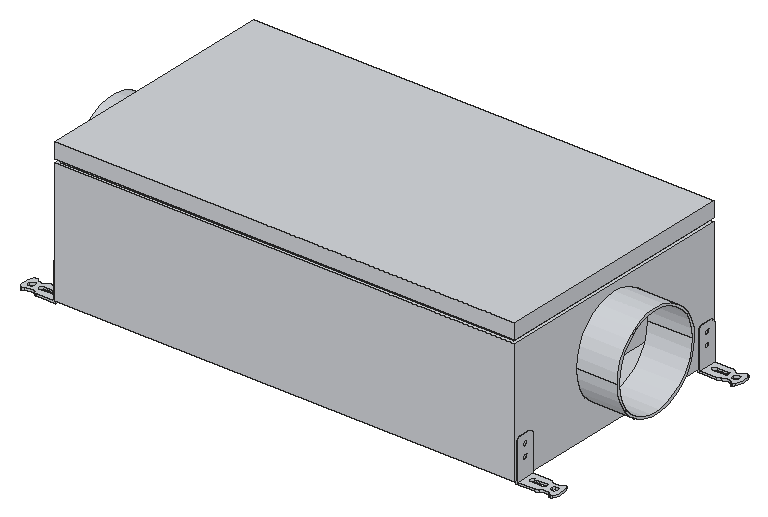
Revit family "CF-500", category Обобщенные модели, Revit 2018
Family settings
  Может служить основой для арматурных стержней = Нет
  Размер круглого соединителя = Использовать диаметр
  Тип детали = Нормальный
  На основе рабочей плоскости = Нет
  Всегда вертикально = Да
  При загрузке вырезать с полостями = Нет
  Общий = Нет
  Точка расчета площади = Нет
Parameters (values of type "CF-500")
  Уровень шума, дБ = "27-59"
  Тип вентилятора = "ЕС"
  Температура приточного воздуха = "+7...+30"
  Стоимость = 144000
  Рабочая температура, С = "-30...+50"
  Производительность (max), м3/ч = "501,0"
  Описание = "Приточная установка"
  Напряжение питания, В/Гц = "220/50 и 380/50"
  Мощность воздухонагревателя, кВт = "4,4 (2,2х2)"
  Мощность вентилятора, кВт = "0,168"
  Комментарии к типоразмеру = "Для подходит для помещений до 85м2"
  Количество скоростей = "10"
  Код по классификатору = "D3040100"
  Кабель питания, мм = "КГ 3х2,5 или ВВГнг 3х2,5 / КГ 5х2,5 или ВВГнг 5х2,5"
  Изображение типоразмера = <Нет>
  Изготовитель = "Horynize"
  Габаритные размеры (ДхШхВ), мм = "777х420х241"
  Вес, кг = "28"
  URL = "https://www.horynize.ru/horynize-cf-500.html"
Reference planes
  plane 1 "По центру (Вперед/Назад)": y = 0
  plane 2: z = 0
  plane 3 "По центру (Влево/Вправо)": x = 0
Forms (mm)
  Extrusion 1, solid
    sketch origin (-388.5, -790, 0) x (1, 0, 0) y (0, 1, 0)
      loop
        line (0, 580) -> (777, 580) -> (777, 1000) -> (0, 1000) -> (0, 580)
    from 0 to 241
  Extrusion 2, void
    sketch origin (0, 0, 209) x (1, 0, 0) y (0, 1, 0)
      loop
        line (-398.5, 220) -> (-398.5, -220) -> (398.5, -220) -> (398.5, 220) -> (-398.5, 220)
      loop
        line (-382.5, 204) -> (-382.5, -204) -> (382.5, -204) -> (382.5, 204) -> (-382.5, 204)
    from 0 to 6
  Extrusion 3, solid
    sketch origin (-388.5, -730, 0) x (0, -1, 0) y (0, 0, 1)
      loop
        line (-938, -4) -> (-906, -4) -> (-906, 66) -> (-938, 66) -> (-938, -4)
    from 0 to 65.264
  Extrusion 4, void
    sketch origin (-453.764, -730, 0) x (0, 1, 0) y (0, 0, 1)
      loop
        line (885, 73.157) -> (885, -1) -> (959.745, -1) -> (959.745, 73.157) -> (885, 73.157)
    from -5.804 to 62.264
  Extrusion 5, void
    sketch origin (-453.764, 216, -1) x (1, 0, 0) y (0, -1, 0)
      loop
        line (29.264, 19.5) -> (49.264, 19.5)
        arc (49.264, 19.5) -> (53.764, 24) -> (49.264, 28.5) r 4.5
        line (49.264, 28.5) -> (29.264, 28.5)
        arc (29.264, 28.5) -> (24.764, 24) -> (29.264, 19.5) r 4.5
      loop
        arc (32.632, 8) -> (30.081, 8.723) -> (27.888, 10.212) r 8.309
        arc (27.888, 10.212) -> (18.847, 13.535) -> (10.203, 9.285) r 12.236
        arc (10.203, 9.285) -> (6.902, 7.94) -> (3.886, 9.838) r 3.901
        arc (3.886, 9.838) -> (0.006, 24) -> (3.886, 38.162) r 27.787
        arc (3.886, 38.162) -> (6.76, 40.042) -> (10.004, 38.914) r 3.893
        arc (10.004, 38.914) -> (18.648, 34.942) -> (27.76, 37.672) r 13.469
        arc (27.76, 37.672) -> (30.433, 39.207) -> (33.411, 40) r 11.833
        line (33.411, 40) -> (33.411, 47.176) -> (-7.368, 47.176) -> (-7.368, 0.848) -> (32.632, 0.848) -> (32.632, 8)
      loop
        circle (12.512, 24.009) r 5.5
    from 0 to 3
  Extrusion 6, void
    sketch origin (-391.5, -730, 0) x (0, 1, 0) y (0, 0, 1)
      loop
        circle (922, 51) r 4.5
      loop
        circle (922, 31) r 4.5
      loop
        arc (906, 58) -> (908.343, 63.657) -> (914, 66) r 8
        line (914, 66) -> (930, 66)
        arc (930, 66) -> (935.657, 63.657) -> (938, 58) r 8
        line (938, 58) -> (943.843, 58) -> (943.843, 71.519) -> (899.977, 71.519) -> (899.977, 58) -> (906, 58)
    from 0 to 3
  Extrusion 7, solid
    sketch origin (-388.5, -1114, 0) x (0, -1, 0) y (0, 0, 1)
      loop
        line (-938, -4) -> (-906, -4) -> (-906, 66) -> (-938, 66) -> (-938, -4)
    from 0 to 65.264
  Extrusion 8, void
    sketch origin (-453.764, -1114, 0) x (0, 1, 0) y (0, 0, 1)
      loop
        line (885, 73.157) -> (885, -1) -> (959.745, -1) -> (959.745, 73.157) -> (885, 73.157)
    from -5.804 to 62.264
  Extrusion 9, void
    sketch origin (-453.764, -168, -1) x (1, 0, 0) y (0, -1, 0)
      loop
        line (29.264, 19.5) -> (49.264, 19.5)
        arc (49.264, 19.5) -> (53.764, 24) -> (49.264, 28.5) r 4.5
        line (49.264, 28.5) -> (29.264, 28.5)
        arc (29.264, 28.5) -> (24.764, 24) -> (29.264, 19.5) r 4.5
      loop
        arc (32.632, 8) -> (30.081, 8.723) -> (27.888, 10.212) r 8.309
        arc (27.888, 10.212) -> (18.847, 13.535) -> (10.203, 9.285) r 12.236
        arc (10.203, 9.285) -> (6.902, 7.94) -> (3.886, 9.838) r 3.901
        arc (3.886, 9.838) -> (0.006, 24) -> (3.886, 38.162) r 27.787
        arc (3.886, 38.162) -> (6.76, 40.042) -> (10.004, 38.914) r 3.893
        arc (10.004, 38.914) -> (18.648, 34.942) -> (27.76, 37.672) r 13.469
        arc (27.76, 37.672) -> (30.433, 39.207) -> (33.411, 40) r 11.833
        line (33.411, 40) -> (33.411, 47.176) -> (-7.368, 47.176) -> (-7.368, 0.848) -> (32.632, 0.848) -> (32.632, 8)
      loop
        circle (12.512, 24.009) r 5.5
    from 0 to 3
  Extrusion 10, void
    sketch origin (-391.5, -1114, 0) x (0, 1, 0) y (0, 0, 1)
      loop
        circle (922, 51) r 4.5
      loop
        circle (922, 31) r 4.5
      loop
        arc (906, 58) -> (908.343, 63.657) -> (914, 66) r 8
        line (914, 66) -> (930, 66)
        arc (930, 66) -> (935.657, 63.657) -> (938, 58) r 8
        line (938, 58) -> (943.843, 58) -> (943.843, 71.519) -> (899.977, 71.519) -> (899.977, 58) -> (906, 58)
    from 0 to 3
  Extrusion 11, solid
    sketch origin (388.5, -730, 0) x (0, -1, 0) y (0, 0, -1)
      loop
        line (-938, 4) -> (-938, -66) -> (-906, -66) -> (-906, 4) -> (-938, 4)
    from 0 to 65.264
  Extrusion 12, void
    sketch origin (453.764, -730, 0) x (0, 1, 0) y (0, 0, -1)
      loop
        line (885, -73.157) -> (959.745, -73.157) -> (959.745, 1) -> (885, 1) -> (885, -73.157)
    from -5.804 to 62.264
  Extrusion 13, void
    sketch origin (453.764, 216, -1) x (1, 0, 0) y (0, -1, 0)
      loop
        arc (-29.264, 19.5) -> (-24.764, 24) -> (-29.264, 28.5) r 4.5
        line (-29.264, 28.5) -> (-49.264, 28.5)
        arc (-49.264, 28.5) -> (-53.764, 24) -> (-49.264, 19.5) r 4.5
        line (-49.264, 19.5) -> (-29.264, 19.5)
      loop
        line (-32.632, 8) -> (-32.632, 0.848) -> (7.368, 0.848) -> (7.368, 47.176) -> (-33.411, 47.176) -> (-33.411, 40)
        arc (-33.411, 40) -> (-30.433, 39.207) -> (-27.76, 37.672) r 11.833
        arc (-27.76, 37.672) -> (-18.648, 34.942) -> (-10.004, 38.914) r 13.469
        arc (-10.004, 38.914) -> (-6.76, 40.042) -> (-3.886, 38.162) r 3.893
        arc (-3.886, 38.162) -> (-0.006, 24) -> (-3.886, 9.838) r 27.787
        arc (-3.886, 9.838) -> (-6.902, 7.94) -> (-10.203, 9.285) r 3.901
        arc (-10.203, 9.285) -> (-18.847, 13.535) -> (-27.888, 10.212) r 12.236
        arc (-27.888, 10.212) -> (-30.081, 8.723) -> (-32.632, 8) r 8.309
      loop
        circle (-12.512, 24.009) r 5.5
    from 0 to 3
  Extrusion 14, void
    sketch origin (391.5, -730, 0) x (0, 1, 0) y (0, 0, -1)
      loop
        circle (922, -51) r 4.5
      loop
        circle (922, -31) r 4.5
      loop
        line (906, -58) -> (899.977, -58) -> (899.977, -71.519) -> (943.843, -71.519) -> (943.843, -58) -> (938, -58)
        arc (938, -58) -> (935.657, -63.657) -> (930, -66) r 8
        line (930, -66) -> (914, -66)
        arc (914, -66) -> (908.343, -63.657) -> (906, -58) r 8
    from 0 to 3
  Extrusion 15, solid
    sketch origin (388.5, -1114, 0) x (0, -1, 0) y (0, 0, -1)
      loop
        line (-938, 4) -> (-938, -66) -> (-906, -66) -> (-906, 4) -> (-938, 4)
    from 0 to 65.264
  Extrusion 16, void
    sketch origin (453.764, -1114, 0) x (0, 1, 0) y (0, 0, -1)
      loop
        line (885, -73.157) -> (959.745, -73.157) -> (959.745, 1) -> (885, 1) -> (885, -73.157)
    from -5.804 to 62.264
  Extrusion 17, void
    sketch origin (453.764, -168, -1) x (1, 0, 0) y (0, -1, 0)
      loop
        arc (-29.264, 19.5) -> (-24.764, 24) -> (-29.264, 28.5) r 4.5
        line (-29.264, 28.5) -> (-49.264, 28.5)
        arc (-49.264, 28.5) -> (-53.764, 24) -> (-49.264, 19.5) r 4.5
        line (-49.264, 19.5) -> (-29.264, 19.5)
      loop
        line (-32.632, 8) -> (-32.632, 0.848) -> (7.368, 0.848) -> (7.368, 47.176) -> (-33.411, 47.176) -> (-33.411, 40)
        arc (-33.411, 40) -> (-30.433, 39.207) -> (-27.76, 37.672) r 11.833
        arc (-27.76, 37.672) -> (-18.648, 34.942) -> (-10.004, 38.914) r 13.469
        arc (-10.004, 38.914) -> (-6.76, 40.042) -> (-3.886, 38.162) r 3.893
        arc (-3.886, 38.162) -> (-0.006, 24) -> (-3.886, 9.838) r 27.787
        arc (-3.886, 9.838) -> (-6.902, 7.94) -> (-10.203, 9.285) r 3.901
        arc (-10.203, 9.285) -> (-18.847, 13.535) -> (-27.888, 10.212) r 12.236
        arc (-27.888, 10.212) -> (-30.081, 8.723) -> (-32.632, 8) r 8.309
      loop
        circle (-12.512, 24.009) r 5.5
    from 0 to 3
  Extrusion 18, void
    sketch origin (391.5, -1114, 0) x (0, 1, 0) y (0, 0, -1)
      loop
        circle (922, -51) r 4.5
      loop
        circle (922, -31) r 4.5
      loop
        line (906, -58) -> (899.977, -58) -> (899.977, -71.519) -> (943.843, -71.519) -> (943.843, -58) -> (938, -58)
        arc (938, -58) -> (935.657, -63.657) -> (930, -66) r 8
        line (930, -66) -> (914, -66)
        arc (914, -66) -> (908.343, -63.657) -> (906, -58) r 8
    from 0 to 3
  Extrusion 19, solid
    sketch origin (-388.5, -730, 0) x (0, -1, 0) y (0, 0, 1)
      loop
        circle (-730, 115) r 81
    from -6 to 70
  Extrusion 20, void
    sketch origin (0, -2, 17) x (1, 0, 0) y (0, 1, 0)
      loop
        line (-382.5, 206) -> (-382.5, -202) -> (-306.5, -202) -> (-306.5, 206) -> (-382.5, 206)
    from 0 to 190
  Extrusion 21, void
    sketch origin (0, 0, 0) x (0, 1, 0) y (0, 0, 1)
      loop
        circle (0, 115) r 81.5
    from -388.5 to -371.5
  Extrusion 22, void
    sketch origin (-38.5, 0, 0) x (0, 1, 0) y (0, 0, 1)
      loop
        circle (0, 115) r 78
    from -429.653 to -333
  Extrusion 23, solid
    sketch origin (388.5, -730, 0) x (0, -1, 0) y (0, 0, -1)
      loop
        circle (-730, -115) r 81
    from -6 to 70
  Extrusion 24, void
    sketch origin (0, 0, 17) x (-1, 0, 0) y (0, -1, 0)
      loop
        line (-382.5, -204) -> (-306.5, -204) -> (-306.5, 204) -> (-382.5, 204) -> (-382.5, -204)
    from 0 to 190
  Extrusion 25, void
    sketch origin (0, 0, 0) x (0, 1, 0) y (0, 0, -1)
      loop
        circle (0, -115) r 81.5
    from -388.5 to -371.5
  Extrusion 26, void
    sketch origin (38.5, 0, 0) x (0, 1, 0) y (0, 0, -1)
      loop
        circle (0, -115) r 78
    from -429.653 to -333
  Extrusion 27, void
    sketch origin (161.588, -1, 17) x (1, 0, 0) y (0, 1, 0)
      loop
        line (-463.588, 205) -> (-463.588, -203) -> (140.412, -203) -> (140.412, 205) -> (-463.588, 205)
    from -7.721 to 190
  Extrusion 28, void
    sketch origin (388.5, -210, 0) x (0, -1, 0) y (0, 0, 1)
      loop
        circle (-299.5, 27) r 20
    from 0 to 2
Cuts and joins
  Extrusion 2, Extrusion 6, Extrusion 10, Extrusion 14, Extrusion 18, Extrusion 20, Extrusion 21, Extrusion 22, Extrusion 24, Extrusion 25, Extrusion 27, Extrusion 28 cuts Extrusion 1
  Extrusion 4, Extrusion 5, Extrusion 6, Extrusion 8, Extrusion 9, Extrusion 10, Extrusion 12, Extrusion 13, Extrusion 14 cuts Extrusion 3
  Extrusion 8, Extrusion 9, Extrusion 10, Extrusion 16, Extrusion 17, Extrusion 18 cuts Extrusion 7
  Extrusion 12, Extrusion 13, Extrusion 14 cuts Extrusion 11
  Extrusion 16, Extrusion 17, Extrusion 18 cuts Extrusion 15
  Extrusion 21, Extrusion 22, Extrusion 25, Extrusion 26 cuts Extrusion 19
  Extrusion 24, Extrusion 26 cuts Extrusion 23
Dimensions and locks
  connector elem to plane 1 "По центру (Вперед/Назад)" = 0 mm
  aligned and locked: level to plane 2
Connectors
  hvac at (458.5, 0, 115)
    settings: on cut or joined group of Extrusion 23, Extrusion 24, Extrusion 26, index 1, duct flow 441.0 m³/h, flow factor 0, pres drop 300.0 Pa, loss coef 0, conn angle 0.00°, conn width 304.8 mm, conn height 304.8 mm, conn diameter 160 mm, duct sys type 1, conn prof type 0, flow config 1, flow direction 2, loss method 4, conn ref index 2, conn util no, is conn primary no, conn desc ""
  hvac at (-458.5, 0, 115)
    settings: on cut or joined group of Extrusion 19, Extrusion 21, Extrusion 22, Extrusion 25, Extrusion 26, index 2, duct flow 441.0 m³/h, flow factor 0, pres drop 300.0 Pa, loss coef 0, conn angle 0.00°, conn width 304.8 mm, conn height 304.8 mm, conn diameter 160 mm, duct sys type 1, conn prof type 0, flow config 1, flow direction 1, loss method 4, conn ref index 1, conn util no, is conn primary yes, conn desc ""
  electrical at (388.5, 89.5, 27)
    settings: on cut or joined group of Extrusion 1, Extrusion 2, Extrusion 6, Extrusion 10, Extrusion 14, Extrusion 18, Extrusion 20, Extrusion 21, Extrusion 22, Extrusion 24, Extrusion 25, Extrusion 27, Extrusion 28, index 3, voltage 380 V, apparent load 4.568 kW, apparent load phase1 0.000 kW, apparent load phase2 0.000 kW, apparent load phase3 0.000 kW, power factor 1, load classification "Мощность", number of poles 3, system type 30, power factor state 1, is connector primary yes, connector utility no, sub classification motor no, connector description ""
